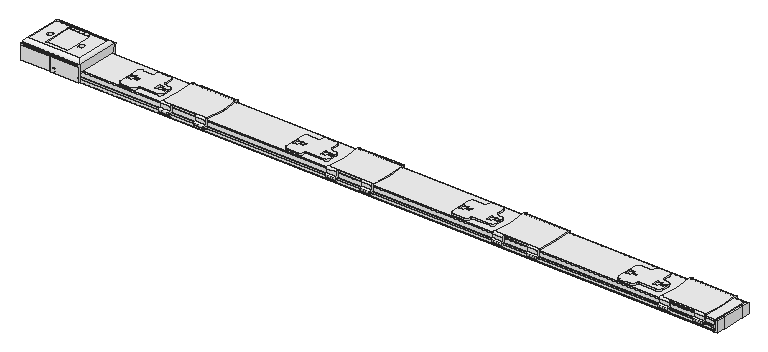
Revit family "NBS_CMDLtd_PwrBsbrTrnkng_BetatrakUnderfloorBusbar_1200mm", category Electrical Fixtures, host Face, Revit 2016
Family settings
  Host = Face
  Maintain Annotation Orientation = No
  Part Type = Normal
  Round Connector Dimension = Use Diameter
  Cut with Voids When Loaded = No
  Shared = No
  Room Calculation Point = No
Parameters
  WarrantyStartDate [instance] = "1900-12-31T23:59:59"
  WarrantyGuarantorParts = "n/a"
  WarrantyGuarantorLabor = "n/a"
  WarrantyDurationUnit = "year"
  WarrantyDurationParts = "n/a"
  WarrantyDurationLabor = "n/a"
  WarrantyDescription = "n/a"
  VoltageRating = "High voltage"
  Version = "2"  # constant formula
  Uniclass2015Version = "Products v1.3"
  Uniclass2015Title = "Busbar trunking feed units"
  Uniclass2015Code = "Pr_60_70_48_07"
  TagNumber [instance] = "n/a"
  SustainabilityPerformance = "n/a"
  Supports = "n/a"
  SocketOffsetFromEnd = 200 mm  # constant formula
  SocketNumber = 4
  SocketDistance = 300 mm  # constant formula
  Size = "1200 x 38 x 75 mm"
  SheathColor = "n/a"
  Shape = "n/a"
  SerialNumber [instance] = "n/a"
  Revision = "n/a"
  ReplacementCost = "n/a"
  Reference = "n/a"
  ProtectionAgainstElectricShock = "n/a"
  ProspectiveRatedShortCircuitCurrent1s = "n/a"
  ProductInformation = "www.cmd-ltd.com/products/betatrak-busbar"
  PlaceOfInstallationOptions = "Indoor; Underfloor"
  PlaceOfInstallation = "n/a"
  NormalOperatingTemperature = 0
  NominalWidthOrDiameter = 38 mm
  NominalWidth = 38 mm
  NominalLength = 1200 mm
  NominalHeight = 75 mm
  Name = "PowerBusbarTrunking_BetatrakUnderfloorBusbar_1200mm-Standard_CMDLtd"
  NBSTypeID = "n/a"
  NBSReference = "90-50-45/320"
  NBSOfficeMasterTag = "n/a"
  NBSNote = "n/a"
  NBSDescription = "Power busbar trunking"
  NBSCertification = "www.nationalbimlibrary.com/cert/m0qxcgie"
  ModelReference = "Betatrak Underfloor Busbar"
  ModelNumber = "PBST3312"
  MechanicalDesignMechanicalLoads = "n/a"
  MechanicalDesignAdditionalLoads = "n/a"
  MaxOperatingTemperature = 0
  Material = "n/a"
  ManufacturerURL = "www.cmd-ltd.com"
  ManufacturerName = "CMD Ltd"  # constant formula
  Manufacturer = "enquiries@cmd-ltd.com"
  InstallationDate [instance] = "1900-12-31T23:59:59"
  IfcExportType = "CABLESEGMENT"  # constant formula
  IfcExportAs = "IfcCableSegmentType"  # constant formula
  Grade = "n/a"
  Finish = "Galvanized steel"
  Features = "Choice: a comprehensive range of supply systems. Flexibility: can be used in new or existing layouts. Versatility: all kinds of configurations are possible including bends/corners. Safety: colour coded tap offs for easy recognition. Sliding dust covers to protect outlets. Height clearance: low profile busbar suitable for shallow floor voids. Convenience: variety of Betatrak® lengths with different socket centres. 300 mm standard (150 mm and 600 mm available on request)"
  ExpectedLife = "n/a"
  EnvironmentalProductDeclaration = "n/a"
  DurationUnit = "year"
  Description = "Click-fit underfloor power distribution"
  CurrentRating = "63 A"
  CrossSectionalArea = 0.00 m²
  Constituents = "n/a"
  Configuration = "n/a"
  Conductors = "Copper"
  Color = "n/a"
  CodePerformance = "n/a"
  CentreOffset = 0 mm  # constant formula
  NumberOfSockets = 4  # constant formula
  HasOpenedSockets [instance] = yes
  Default Elevation = 0 mm
  CoverOffset [instance] = if(HasOpenedSockets, 90 mm, 0 mm)  # 90 mm
  Category = "Pr_60_70_48_07:Busbar trunking feed units"
  CasingStandard = "n/a"
  CasingMaterial = "Galvanized steel"
  CasingIngressProtectionMinimum = "n/a"
  CasingFinish = "Self finished"
  CasingColour = "Steel, metallic"
  CableInsulationMaterial = "Flame Retardant Polycarbonate"
  BusbarWidth = 75.8 mm  # constant formula
  BusbarMaterial = NBS_Concept
  BusbarLength = 1252 mm  # constant formula
  BusbarHeight = 18.7 mm  # constant formula
  BarCode [instance] = "n/a"
  BIMObjectName = "NBS_CMDLtd_PowerBusbarTrunking_BetatrakUnderfloorBusbar_1200mm-Standard"
  Author = "NBS"  # constant formula
  AttitudeOptions = "Horizontal; Vertical"
  Attitude = "n/a"
  AssetType = "Fixed"
  AssetIdentifier [instance] = "n/a"
  Assembly = "Fully type-tested"
  AdditionalCircuits = "n/a"
  AccessoryOptions = "Feed units; tap-off units; flexible corners and kits"
  Accessories = "n/a"
  AccessibilityPerformance = "n/a"
Reference planes
  plane 1 "Center (Front/Back)": y = 0
  plane 2: z = 0
  plane 3 "Center (Left/Right)": x = 0
  plane 4: x = 0
  plane 5: x = 1252
  plane 6: y = 37.9
  plane 7: y = -37.9
  plane 8 "Top": z = 18.7
  plane 9: z = 17.7
  plane 10: x = 104
  plane 11: z = 38.2
  plane 12: x = 52
  plane 13: x = 1247
  plane 14: x = 51
  plane 15: x = 53
  plane 16: x = 200
  plane 17: x = 500
  plane 18: x = 800
  plane 19: x = 1100
Forms (mm)
  Extrusion 1, solid, material "NBS_Concept" <- "BusbarMaterial", detail levels medium+fine
    sketch origin (0, 0, 0) x (0, 1, 0) y (0, 0, 1)
      loop
        line (-36.7, 8.15) -> (-34.1, 8.15) -> (-34.1, 1)
        arc (-34.1, 1) -> (-33.807, 0.293) -> (-33.1, 0) r 1
        line (-33.1, 0) -> (33.1, 0)
        arc (33.1, 0) -> (33.807, 0.293) -> (34.1, 1) r 1
        line (34.1, 1) -> (34.1, 8.15) -> (36.7, 8.15)
        arc (36.7, 8.15) -> (37.9, 9.35) -> (36.7, 10.55) r 1.2
        line (36.7, 10.55) -> (34.1, 10.55) -> (34.1, 17.7)
        arc (34.1, 17.7) -> (33.807, 18.407) -> (33.1, 18.7) r 1
        line (33.1, 18.7) -> (-33.1, 18.7)
        arc (-33.1, 18.7) -> (-33.807, 18.407) -> (-34.1, 17.7) r 1
        line (-34.1, 17.7) -> (-34.1, 10.55) -> (-36.7, 10.55)
        arc (-36.7, 10.55) -> (-37.9, 9.35) -> (-36.7, 8.15) r 1.2
      loop
        line (33.1, 1) -> (33.1, 17.7) -> (-33.1, 17.7) -> (-33.1, 1) -> (33.1, 1)
    from 52 to 1247
  Extrusion 2, solid, material "NBS_Concept" <- "BusbarMaterial", detail levels coarse
    sketch origin (0, 0, 0) x (0, 1, 0) y (0, 0, 1)
      loop
        line (34.1, 18.7) -> (-34.1, 18.7) -> (-34.1, 0) -> (34.1, 0) -> (34.1, 18.7)
    from 0 to 1252
  Extrusion 3, solid, material "NBS_Concept" <- "BusbarMaterial", detail levels medium+fine
    sketch origin (0, 0, 0) x (1, 0, 0) y (0, 1, 0)
      loop
        line (0, 37.9) -> (0, -37.9) -> (104, -37.9) -> (104, 37.9) -> (0, 37.9)
    from 18.7 to 38.2
  Sweep 4, void
    path origin (0, 0, 0) x (1, 0, 0) y (0, 1, 0)
      loop
        line (0, 37.9) -> (0, -37.9) -> (104, -37.9) -> (104, 37.9) -> (0, 37.9)
    profile origin (52, 37.9, 0) x (0, 1, 0) y (0, 0, 1)
      loop
        arc (-6, 38.2) -> (-2.293, 35.907) -> (0, 32.2) r 9.5
        line (0, 32.2) -> (5, 32.2) -> (5, 43.2) -> (-6, 43.2) -> (-6, 38.2)
  Extrusion 5, void
    sketch origin (0, 0, 0) x (1, 0, 0) y (0, 1, 0)
      loop
        circle (23.5, -5) r 5
      loop
        circle (80.5, -5) r 5
    from 34.2 to 38.2
  Extrusion 6, void
    sketch origin (0, 0, 0) x (1, 0, 0) y (0, 1, 0)
      loop
        line (32, 25.9) -> (32, -25.9) -> (72, -25.9) -> (72, 25.9) -> (32, 25.9)
    from 37.2 to 40
  Extrusion 7, solid, material "NBS_Concept" <- "BusbarMaterial", detail levels coarse
    sketch origin (0, 0, 0) x (1, 0, 0) y (0, 1, 0)
      loop
        line (0, 37.9) -> (0, -37.9) -> (104, -37.9) -> (104, 37.9) -> (0, 37.9)
    from 18.7 to 38.2
  Extrusion 8, solid, material "NBS_Concept" <- "BusbarMaterial", detail levels medium+fine
    sketch origin (0, 0, 0) x (1, 0, 0) y (0, 1, 0)
      loop
        line (1247, -34.1) -> (1252, -34.1) -> (1252, -21) -> (1250, -21) -> (1248, -23) -> (1248, -17.5) -> (1250, -19.5) -> (1252, -19.5) -> (1252, 19.5) -> (1250, 19.5) -> (1248, 17.5) -> (1248, 23) -> (1250, 21) -> (1252, 21) -> (1252, 34.1) -> (1247, 34.1) -> (1247, -34.1)
    from 0 to 18.7
  Extrusion 9, solid, material "NBS_Concept" <- "BusbarMaterial", detail levels medium+fine
    sketch origin (0, 0, 0) x (0, 1, 0) y (0, 0, 1)
      loop
        line (38.939, 7) -> (35.597, 7) -> (35.645, 6.093) -> (38.547, 4) -> (40.964, 4) -> (40.964, 28.917)
        arc (40.964, 28.917) -> (41.561, 30.356) -> (43, 30.952) r 2.034
        line (43, 30.952) -> (43.017, 31.9) -> (40.904, 31.9)
        arc (40.904, 31.9) -> (39.514, 31.324) -> (38.939, 29.935) r 1.965
        line (38.939, 29.935) -> (38.939, 18.7) -> (34.6, 18.7) -> (34.6, 17.7) -> (38.939, 17.7) -> (38.939, 7)
      loop
        line (-38.939, 7) -> (-38.939, 17.7) -> (-34.6, 17.7) -> (-34.6, 18.7) -> (-38.939, 18.7) -> (-38.939, 29.935)
        arc (-38.939, 29.935) -> (-39.514, 31.324) -> (-40.904, 31.9) r 1.965
        line (-40.904, 31.9) -> (-43.017, 31.9) -> (-43, 30.952)
        arc (-43, 30.952) -> (-41.561, 30.356) -> (-40.964, 28.917) r 2.034
        line (-40.964, 28.917) -> (-40.964, 4) -> (-38.547, 4) -> (-35.645, 6.093) -> (-35.597, 7) -> (-38.939, 7)
    from 0 to 51
  Extrusion 10, solid, material "NBS_Concept" <- "BusbarMaterial", detail levels medium+fine
    sketch origin (0, 0, 0) x (0, 1, 0) y (0, 0, 1)
      loop
        line (38.939, 7) -> (35.597, 7) -> (35.645, 6.093) -> (38.547, 4) -> (40.964, 4) -> (40.964, 28.917)
        arc (40.964, 28.917) -> (41.561, 30.356) -> (43, 30.952) r 2.034
        line (43, 30.952) -> (43.017, 31.9) -> (40.904, 31.9)
        arc (40.904, 31.9) -> (39.514, 31.324) -> (38.939, 29.935) r 1.965
        line (38.939, 29.935) -> (38.939, 18.7) -> (34.6, 18.7) -> (34.6, 17.7) -> (38.939, 17.7) -> (38.939, 7)
      loop
        line (-38.939, 7) -> (-38.939, 17.7) -> (-34.6, 17.7) -> (-34.6, 18.7) -> (-38.939, 18.7) -> (-38.939, 29.935)
        arc (-38.939, 29.935) -> (-39.514, 31.324) -> (-40.904, 31.9) r 1.965
        line (-40.904, 31.9) -> (-43.017, 31.9) -> (-43, 30.952)
        arc (-43, 30.952) -> (-41.561, 30.356) -> (-40.964, 28.917) r 2.034
        line (-40.964, 28.917) -> (-40.964, 4) -> (-38.547, 4) -> (-35.645, 6.093) -> (-35.597, 7) -> (-38.939, 7)
    from 53 to 104
  Extrusion 11, solid, material "NBS_Concept" <- "BusbarMaterial", detail levels coarse
    sketch origin (0, 0, 0) x (0, 1, 0) y (0, 0, 1)
      loop
        line (40.964, 31.9) -> (37.9, 31.9) -> (37.9, 18.7) -> (34.1, 18.7) -> (34.1, 4) -> (40.964, 4) -> (40.964, 31.9)
      loop
        line (-40.964, 31.9) -> (-40.964, 4) -> (-34.1, 4) -> (-34.1, 18.7) -> (-37.9, 18.7) -> (-37.9, 31.9) -> (-40.964, 31.9)
    from 0 to 104
  Extrusion 12, solid, material "NBS_Concept" <- "BusbarMaterial", detail levels medium+fine
    sketch origin (0, 0, 0) x (0, 1, 0) y (0, 0, 1)
      loop
        line (34.6, 11.05) -> (34.6, 18.7) -> (-34.6, 18.7) -> (-34.6, 11.05) -> (-33.1, 11.05) -> (-33.1, 15.7) -> (33.1, 15.7) -> (33.1, 11.05) -> (34.6, 11.05)
    from 0 to 52
  Extrusion 13, solid, material "NBS_Concept" <- "BusbarMaterial", not visible
    sketch origin (0, 0, 0) x (1, 0, 0) y (0, 1, 0)
      loop
        circle (52, 0) r 10
    from 0 to 10
  Extrusion 14, solid, material "NBS_Concept" <- "BusbarMaterial", not visible
    sketch origin (0, 0, 0) x (1, 0, 0) y (0, 1, 0)
      loop
        circle (200, 0) r 10
    from 10.7 to 20.7
  Extrusion 15, solid, material "NBS_Concept" <- "BusbarMaterial", not visible
    sketch origin (300, 0, 0) x (1, 0, 0) y (0, 1, 0)
      loop
        circle (200, 0) r 10
    from 10.7 to 20.7
  Extrusion 16, solid, material "NBS_Concept" <- "BusbarMaterial", not visible
    sketch origin (600, 0, 0) x (1, 0, 0) y (0, 1, 0)
      loop
        circle (200, 0) r 10
    from 10.7 to 20.7
  Extrusion 17, solid, material "NBS_Concept" <- "BusbarMaterial", not visible
    sketch origin (900, 0, 0) x (1, 0, 0) y (0, 1, 0)
      loop
        circle (200, 0) r 10
    from 10.7 to 20.7
Cuts and joins
  Sweep 4, Extrusion 5, Extrusion 6 cuts Extrusion 3
  Extrusion 5, Extrusion 6 cuts Extrusion 1
  Extrusion 5, Extrusion 6 cuts Extrusion 2
Dimensions and locks
  "BusbarLength": plane 4 to plane 5
  equal spacing: plane 6, plane 1 "Center (Front/Back)", plane 7
  "BusbarHeight": plane 8 "Top" to host face
  "BusbarWidth": plane 6 to plane 7
  locked: plane 9 to plane 8 "Top" at 1
  locked: plane 11 to plane 8 "Top" at 19.5
  Sweep 4 sketch curve to plane 6 to Sweep 4 sketch curve = 5 mm locked, 6 mm locked
  Sweep 4 sketch curve to plane 11 to Sweep 4 sketch curve = 5 mm locked, 6 mm locked
  locked: plane 4 to plane 10 at 104
  equal spacing: plane 4, plane 12, plane 10
  locked: plane 13 to plane 5 at 5
  plane 14 to plane 12 to plane 15 = 1 mm locked, 1 mm locked
  "CentreOffset": plane 4 to plane 3 "Center (Left/Right)"
  "SocketOffsetFromEnd": plane 4 to plane 16
  equal spacing: group 1, group 2, group 3, group 4  (x3)
  "SocketDistance": plane 16 to plane 17
  aligned and locked: plane 2 to host face
  aligned and locked: level to host face
  aligned and locked: plane 8 "Top" to Extrusion 1 sketch curve
  aligned and locked: Extrusion 1 sketch curve to host face
  aligned and locked: Extrusion 2 sketch curve to plane 8 "Top"
  aligned and locked: host face to Extrusion 2 sketch curve
  aligned and locked: Extrusion 2 to plane 4
  aligned and locked: plane 5 to Extrusion 2
  aligned and locked: Extrusion 3 sketch curve to plane 6
  aligned and locked: plane 4 to Extrusion 3 sketch curve
  aligned and locked: plane 7 to Extrusion 3 sketch curve
  aligned and locked: plane 10 to Extrusion 3 sketch curve
  aligned and locked: Extrusion 3 to plane 8 "Top"
  aligned and locked: plane 11 to Extrusion 3
  aligned and locked: Sweep 4 sketch curve to plane 6
  aligned and locked: plane 4 to Sweep 4 sketch curve
  aligned and locked: plane 7 to Sweep 4 sketch curve
  aligned and locked: plane 10 to Sweep 4 sketch curve
  aligned and locked: plane 11 to Sweep 4 sketch curve
  aligned and locked: plane 6 to Sweep 4 sketch curve
  aligned and locked: Extrusion 1 to plane 12
  aligned and locked: plane 11 to Extrusion 5
  aligned and locked: Extrusion 7 sketch curve to plane 6
  aligned and locked: plane 10 to Extrusion 7 sketch curve
  aligned and locked: plane 7 to Extrusion 7 sketch curve
  aligned and locked: plane 4 to Extrusion 7 sketch curve
  aligned and locked: plane 11 to Extrusion 7
  aligned and locked: Extrusion 7 to plane 8 "Top"
  aligned and locked: plane 13 to cut or joined group of Extrusion 1, Extrusion 5, Extrusion 6
  aligned and locked: plane 13 to Extrusion 8 sketch curve
  aligned and locked: Extrusion 8 sketch curve to plane 5  (x3)
  aligned and locked: Extrusion 8 to level
  aligned and locked: plane 8 "Top" to Extrusion 8
  aligned and locked: Extrusion 9 to plane 4
  aligned and locked: plane 14 to Extrusion 9
  aligned and locked: Extrusion 10 to plane 10
  aligned and locked: plane 15 to Extrusion 10
  aligned and locked: Extrusion 11 to plane 10
  aligned and locked: Extrusion 11 to plane 4
  aligned and locked: plane 12 to Extrusion 12
  aligned and locked: Extrusion 12 to plane 4
  aligned and locked: plane 16 to Extrusion 14 sketch curve
  aligned and locked: host face to nested 1
  aligned and locked: plane 1 "Center (Front/Back)" to nested 1
  aligned and locked: nested 1 to plane 16
  aligned and locked: plane 17 to Extrusion 15 sketch curve
  aligned and locked: nested 2 to plane 17
  aligned and locked: plane 18 to Extrusion 16 sketch curve
  aligned and locked: nested 3 to plane 18
  aligned and locked: plane 19 to Extrusion 17 sketch curve
  aligned and locked: nested 4 to plane 19
Automatic sketch dimensions
  host sketch curve to host sketch curve = 2000 mm
  host sketch curve to host sketch curve = 1000 mm
  plane 9 to Extrusion 1 sketch curve = 0 mm
  plane 7 to Extrusion 1 sketch curve = 1.2 mm
  Extrusion 1 sketch curve to Extrusion 1 sketch curve = 2.6 mm
  Extrusion 1 sketch curve to Extrusion 1 sketch curve = 0 mm  (x7)
  Extrusion 1 sketch curve to Extrusion 1 sketch curve = 1 mm
  Extrusion 1 sketch curve to plane 6 = 4.8 mm
  Extrusion 1 sketch curve to plane 6 = 3.8 mm
  Extrusion 1 sketch curve to plane 6 = 1.2 mm
  Extrusion 1 sketch curve to Extrusion 1 sketch curve = 7.15 mm  (x2)
  Extrusion 1 sketch curve to Extrusion 1 sketch curve = 1.2 mm  (x2)
  plane 7 to Extrusion 2 sketch curve = 3.8 mm
  Extrusion 2 sketch curve to plane 6 = 3.8 mm
  profile plane to Sweep 4 sketch curve = 9.01 mm
  plane 1 "Center (Front/Back)" to Extrusion 5 sketch curve = 5 mm  (x2)
  plane 4 to Extrusion 5 sketch curve = 23.5 mm
  plane 10 to Extrusion 5 sketch curve = 23.5 mm
  Extrusion 6 sketch curve to plane 14 = 19 mm
  Extrusion 6 sketch curve to plane 15 = 19 mm
  plane 7 to Extrusion 6 sketch curve = 12 mm
  Extrusion 6 sketch curve to plane 6 = 12 mm
  Extrusion 9 sketch curve to plane 8 "Top" = 0 mm  (x2)
  plane 9 to Extrusion 9 sketch curve = 0 mm  (x2)
  Extrusion 9 sketch curve to plane 7 = 5.117 mm
  Extrusion 9 sketch curve to Extrusion 9 sketch curve = 0.017 mm  (x2)
  Extrusion 9 sketch curve to Extrusion 9 sketch curve = 0.001 mm  (x2)
  Extrusion 9 sketch curve to plane 7 = 3.064 mm
  Extrusion 9 sketch curve to Extrusion 9 sketch curve = 2.113 mm
  Extrusion 9 sketch curve to plane 7 = 1.039 mm
  Extrusion 9 sketch curve to Extrusion 9 sketch curve = 0 mm
  Extrusion 9 sketch curve to plane 7 = 0.647 mm
  plane 7 to Extrusion 9 sketch curve = 2.255 mm
  Extrusion 9 sketch curve to Extrusion 9 sketch curve = 0.048 mm  (x2)
  plane 7 to Extrusion 9 sketch curve = 3.3 mm
  Extrusion 9 sketch curve to plane 6 = 3.3 mm
  Extrusion 9 sketch curve to plane 6 = 2.303 mm
  plane 6 to Extrusion 9 sketch curve = 0.647 mm
  plane 6 to Extrusion 9 sketch curve = 1.039 mm  (x2)
  Extrusion 9 sketch curve to Extrusion 9 sketch curve = 1.965 mm
  Extrusion 9 sketch curve to Extrusion 9 sketch curve = 2.417 mm
  Extrusion 9 sketch curve to Extrusion 9 sketch curve = 2.034 mm
  level to Extrusion 9 sketch curve = 7 mm  (x2)
  Extrusion 9 sketch curve to Extrusion 9 sketch curve = 0.907 mm  (x2)
  Extrusion 9 sketch curve to Extrusion 9 sketch curve = 3 mm  (x2)
  Extrusion 9 sketch curve to plane 11 = 9.283 mm  (x2)
  Extrusion 9 sketch curve to Extrusion 9 sketch curve = 1.017 mm  (x2)
  Extrusion 11 sketch curve to plane 7 = 0 mm
  Extrusion 11 sketch curve to plane 8 "Top" = 0 mm  (x2)
  Extrusion 11 sketch curve to plane 6 = 0 mm
  Extrusion 11 sketch curve to plane 7 = 3.064 mm
  Extrusion 11 sketch curve to Extrusion 11 sketch curve = 3.8 mm
  Extrusion 11 sketch curve to plane 6 = 3.8 mm
  plane 6 to Extrusion 11 sketch curve = 3.064 mm
  level to Extrusion 11 sketch curve = 4 mm  (x2)
  Extrusion 11 sketch curve to plane 11 = 6.3 mm  (x2)
  Extrusion 10 sketch curve to plane 8 "Top" = 0 mm  (x2)
  plane 9 to Extrusion 10 sketch curve = 0 mm  (x2)
  Extrusion 10 sketch curve to plane 7 = 5.117 mm
  Extrusion 10 sketch curve to Extrusion 10 sketch curve = 0.017 mm  (x2)
  Extrusion 10 sketch curve to Extrusion 10 sketch curve = 0.001 mm  (x2)
  Extrusion 10 sketch curve to plane 7 = 3.064 mm
  Extrusion 10 sketch curve to Extrusion 10 sketch curve = 2.113 mm
  Extrusion 10 sketch curve to plane 7 = 1.039 mm
  Extrusion 10 sketch curve to Extrusion 10 sketch curve = 0 mm
  Extrusion 10 sketch curve to plane 7 = 0.647 mm
  plane 7 to Extrusion 10 sketch curve = 2.255 mm
  Extrusion 10 sketch curve to Extrusion 10 sketch curve = 0.048 mm  (x2)
  plane 7 to Extrusion 10 sketch curve = 3.3 mm
  Extrusion 10 sketch curve to plane 6 = 3.3 mm
  Extrusion 10 sketch curve to plane 6 = 2.303 mm
  plane 6 to Extrusion 10 sketch curve = 0.647 mm
  plane 6 to Extrusion 10 sketch curve = 1.039 mm  (x2)
  Extrusion 10 sketch curve to Extrusion 10 sketch curve = 1.965 mm
  Extrusion 10 sketch curve to Extrusion 10 sketch curve = 2.417 mm
  Extrusion 10 sketch curve to Extrusion 10 sketch curve = 2.034 mm
  level to Extrusion 10 sketch curve = 7 mm  (x2)
  Extrusion 10 sketch curve to Extrusion 10 sketch curve = 0.907 mm  (x2)
  Extrusion 10 sketch curve to Extrusion 10 sketch curve = 3 mm  (x2)
  Extrusion 10 sketch curve to plane 11 = 9.283 mm  (x2)
  Extrusion 10 sketch curve to Extrusion 10 sketch curve = 1.017 mm  (x2)
  Extrusion 12 sketch curve to plane 8 "Top" = 0 mm
  plane 7 to Extrusion 12 sketch curve = 3.3 mm
  Extrusion 12 sketch curve to Extrusion 12 sketch curve = 1.5 mm  (x2)
  plane 9 to Extrusion 12 sketch curve = 2 mm
  Extrusion 12 sketch curve to plane 6 = 4.8 mm
  Extrusion 12 sketch curve to Extrusion 12 sketch curve = 4.65 mm  (x2)
  plane 1 "Center (Front/Back)" to Extrusion 13 sketch curve = 0 mm
  Extrusion 13 sketch curve to plane 12 = 0 mm
  plane 13 to Extrusion 8 sketch curve = 1 mm  (x2)
  Extrusion 8 sketch curve to plane 5 = 2 mm  (x2)
  Extrusion 8 sketch curve to Extrusion 8 sketch curve = 0 mm  (x2)
  plane 7 to Extrusion 8 sketch curve = 3.8 mm
  Extrusion 8 sketch curve to Extrusion 8 sketch curve = 11.1 mm
  Extrusion 8 sketch curve to Extrusion 8 sketch curve = 2 mm  (x4)
  Extrusion 8 sketch curve to Extrusion 8 sketch curve = 1.5 mm  (x2)
  Extrusion 8 sketch curve to plane 1 "Center (Front/Back)" = 17.5 mm
  Extrusion 8 sketch curve to plane 6 = 3.8 mm
  radius of Extrusion 5 sketch curve = 5 mm  (x2)
  radius of Extrusion 13 sketch curve = 10 mm
  radius of Extrusion 14 sketch curve = 10 mm
  radius of Extrusion 15 sketch curve = 10 mm
  radius of Extrusion 16 sketch curve = 10 mm
  radius of Extrusion 17 sketch curve = 10 mm
Nested families
  nested 1: "NBS_CMDLtd_PwrBsbrTrnkng_BetatrakUnderfloorBusbar_Socket" at (200, 0, 0), CoverOffset <- "CoverOffset", SocketMaterial <- "BusbarMaterial", type "NBS_CMDLtd_PwrBsbrTrnkng_BetatrakUnderfloorBusbar_Socket"
    with SocketMaterial NBS_Concept, CoverOffset 90 mm
  nested 2: "NBS_CMDLtd_PwrBsbrTrnkng_BetatrakUnderfloorBusbar_Socket" at (500, 0, 0), CoverOffset <- "CoverOffset", SocketMaterial <- "BusbarMaterial", type "NBS_CMDLtd_PwrBsbrTrnkng_BetatrakUnderfloorBusbar_Socket"
    with SocketMaterial NBS_Concept, CoverOffset 90 mm
  nested 3: "NBS_CMDLtd_PwrBsbrTrnkng_BetatrakUnderfloorBusbar_Socket" at (800, 0, 0), CoverOffset <- "CoverOffset", SocketMaterial <- "BusbarMaterial", type "NBS_CMDLtd_PwrBsbrTrnkng_BetatrakUnderfloorBusbar_Socket"
    with SocketMaterial NBS_Concept, CoverOffset 90 mm
  nested 4: "NBS_CMDLtd_PwrBsbrTrnkng_BetatrakUnderfloorBusbar_Socket" at (1100, 0, 0), CoverOffset <- "CoverOffset", SocketMaterial <- "BusbarMaterial", type "NBS_CMDLtd_PwrBsbrTrnkng_BetatrakUnderfloorBusbar_Socket"
    with SocketMaterial NBS_Concept, CoverOffset 90 mm
Connectors
  electrical at (52, 0, 0)
    settings: on Extrusion 13, index 5, voltage 0 V, apparent load 0 VA, apparent load phase1 0 VA, apparent load phase2 0 VA, apparent load phase3 0 VA, power factor 1, load classification "Power", number of poles 1, system type 31, power factor state 1, is connector primary yes, connector utility no, sub classification motor no, connector description ""
  electrical at (1252, 0, 9.35)
    settings: on Extrusion 8, index 6, voltage 0 V, apparent load 0 VA, apparent load phase1 0 VA, apparent load phase2 0 VA, apparent load phase3 0 VA, power factor 1, load classification "Power", number of poles 1, system type 31, power factor state 1, is connector primary no, connector utility no, sub classification motor no, connector description ""
  electrical at (200, 0, 20.7)
    settings: on Extrusion 14, index 7, voltage 0 V, apparent load 0 VA, apparent load phase1 0 VA, apparent load phase2 0 VA, apparent load phase3 0 VA, power factor 1, load classification "Power", number of poles 1, system type 31, power factor state 1, is connector primary no, connector utility no, sub classification motor no, connector description ""
  electrical at (500, 0, 20.7)
    settings: on Extrusion 15, index 8, voltage 0 V, apparent load 0 VA, apparent load phase1 0 VA, apparent load phase2 0 VA, apparent load phase3 0 VA, power factor 1, load classification "Power", number of poles 1, system type 31, power factor state 1, is connector primary no, connector utility no, sub classification motor no, connector description ""
  electrical at (800, 0, 20.7)
    settings: on Extrusion 16, index 10, voltage 0 V, apparent load 0 VA, apparent load phase1 0 VA, apparent load phase2 0 VA, apparent load phase3 0 VA, power factor 1, load classification "Power", number of poles 1, system type 31, power factor state 1, is connector primary no, connector utility no, sub classification motor no, connector description ""
  electrical at (1100, 0, 20.7)
    settings: on Extrusion 17, index 11, voltage 0 V, apparent load 0 VA, apparent load phase1 0 VA, apparent load phase2 0 VA, apparent load phase3 0 VA, power factor 1, load classification "Power", number of poles 1, system type 31, power factor state 1, is connector primary no, connector utility no, sub classification motor no, connector description ""
Definition of nested family "NBS_CMDLtd_PwrBsbrTrnkng_BetatrakUnderfloorBusbar_Socket"
  Parameters
    SocketMaterial [instance] = none
    CoverOffset [instance] = 100 mm
  Reference planes
    plane 1 "Center (Front/Back)": y = 0
    plane 2: z = 0
    plane 3 "Center (Left/Right)": x = 0
    plane 4: x = 100
    plane 5: x = 58
    plane 6: x = 142
    plane 7: x = 55
  Forms (mm)
    Extrusion 1, solid, material <- "SocketMaterial", detail levels medium+fine
      sketch origin (0, 0, 0) x (1, 0, 0) y (0, 1, 0)
        loop
          line (-10.152, 19.9) -> (-28.652, 19.9)
          arc (-28.652, 19.9) -> (-33.212, 18.012) -> (-35.1, 13.452) r 6.448
          line (-35.1, 13.452) -> (-35.1, -23.147)
          arc (-35.1, -23.147) -> (-33.212, -27.707) -> (-28.652, -29.595) r 6.448
          line (-28.652, -29.595) -> (-10.652, -29.595)
          arc (-10.652, -29.595) -> (-6.093, -27.707) -> (-4.205, -23.147) r 6.448
          line (-4.205, -23.147) -> (-4.205, -20.948)
          arc (-4.205, -20.948) -> (-3.896, -20.203) -> (-3.152, -19.895) r 1.052
          line (-3.152, -19.895) -> (28.748, -19.895)
          arc (28.748, -19.895) -> (33.307, -18.007) -> (35.195, -13.448) r 6.448
          line (35.195, -13.448) -> (35.195, -0.098)
          arc (35.195, -0.098) -> (33.307, 4.462) -> (28.748, 6.35) r 6.448
          line (28.748, 6.35) -> (24.848, 6.35)
          arc (24.848, 6.35) -> (20.214, 8.269) -> (18.295, 12.902) r 6.552
          line (18.295, 12.902) -> (18.295, 23.152)
          arc (18.295, 23.152) -> (16.407, 27.712) -> (11.848, 29.6) r 6.448
          line (11.848, 29.6) -> (-2.652, 29.6)
          arc (-2.652, 29.6) -> (-7.212, 27.712) -> (-9.1, 23.152) r 6.448
          line (-9.1, 23.152) -> (-9.1, 20.952)
          arc (-9.1, 20.952) -> (-9.408, 20.208) -> (-10.152, 19.9) r 1.052
        loop
          line (-25.396, -10.4) -> (-25.396, -7.842) -> (-16.705, -7.842) -> (-16.705, -1.766) -> (-25.396, -1.766) -> (-25.396, 0.792) -> (-34.147, 0.792) -> (-34.147, -10.4) -> (-25.396, -10.4)
        loop
          line (15.853, 0.792) -> (15.853, -10.4) -> (24.604, -10.4) -> (24.604, -7.842) -> (33.295, -7.842) -> (33.295, -1.766) -> (24.604, -1.766) -> (24.604, 0.792) -> (15.853, 0.792)
      from 18.7 to 20.7
    Extrusion 2, solid, material <- "SocketMaterial", detail levels medium+fine
      sketch origin (0, 0, 0) x (0, 1, 0) y (0, 0, 1)
        loop
          line (36.1, 12.493) -> (36.1, 19.2)
          arc (36.1, 19.2) -> (35.221, 21.321) -> (33.1, 22.2) r 3
          line (33.1, 22.2) -> (-33.1, 22.2)
          arc (-33.1, 22.2) -> (-35.221, 21.321) -> (-36.1, 19.2) r 3
          line (-36.1, 19.2) -> (-36.1, 12.493)
          arc (-36.1, 12.493) -> (-39.886, 9.651) -> (-36.7, 6.15) r 3.2
          line (-36.7, 6.15) -> (-34.6, 6.15) -> (-34.6, 7.65) -> (-36.7, 7.65)
          arc (-36.7, 7.65) -> (-38.4, 9.35) -> (-36.7, 11.05) r 1.7
          line (-36.7, 11.05) -> (-34.6, 11.05) -> (-34.6, 19.2)
          arc (-34.6, 19.2) -> (-34.161, 20.261) -> (-33.1, 20.7) r 1.5
          line (-33.1, 20.7) -> (33.1, 20.7)
          arc (33.1, 20.7) -> (34.161, 20.261) -> (34.6, 19.2) r 1.5
          line (34.6, 19.2) -> (34.6, 11.05) -> (36.7, 11.05)
          arc (36.7, 11.05) -> (38.4, 9.35) -> (36.7, 7.65) r 1.7
          line (36.7, 7.65) -> (34.6, 7.65) -> (34.6, 6.15) -> (36.7, 6.15)
          arc (36.7, 6.15) -> (39.886, 9.651) -> (36.1, 12.493) r 3.2
      from 55 to 142
    Extrusion 3, void
      sketch origin (0, 0, 0) x (1, 0, 0) y (0, 1, 0)
        loop
          line (61, 0) -> (58, 34.6) -> (58, 44.6) -> (45, 44.6) -> (45, -44.6) -> (58, -44.6) -> (58, -34.6) -> (61, 0)
        loop
          line (139, 34.6) -> (142, 0) -> (139, -34.6) -> (139, -44.6) -> (152, -44.6) -> (152, 44.6) -> (139, 44.6) -> (139, 34.6)
        loop
          line (76, 44.6) -> (76, 34.6) -> (121, 34.6) -> (121, 44.6) -> (76, 44.6)
        loop
          line (76, -34.6) -> (76, -44.6) -> (121, -44.6) -> (121, -34.6) -> (76, -34.6)
      from 0 to 50
    Extrusion 4, solid, material <- "SocketMaterial", detail levels coarse
      sketch origin (0, 0, 0) x (1, 0, 0) y (0, 1, 0)
        loop
          line (-35.1, -29.595) -> (-4.205, -29.595) -> (-4.205, -19.895) -> (35.195, -19.895) -> (35.195, 6.35) -> (18.295, 6.35) -> (18.295, 29.6) -> (-9.1, 29.6) -> (-9.1, 19.9) -> (-35.1, 19.9) -> (-35.1, -29.595)
      from 18.7 to 20.7
    Extrusion 5, solid, material <- "SocketMaterial", detail levels coarse
      sketch origin (0, 0, 0) x (0, 1, 0) y (0, 0, 1)
        loop
          line (36.1, 6.15) -> (36.1, 22.2) -> (-36.1, 22.2) -> (-36.1, 6.15) -> (-34.6, 6.15) -> (-34.6, 20.7) -> (34.6, 20.7) -> (34.6, 6.15) -> (36.1, 6.15)
      from 58 to 142
  Cuts and joins
    Extrusion 3 cuts Extrusion 2
  Dimensions and locks
    "CoverOffset": plane 3 "Center (Left/Right)" to plane 4
    plane 7 to plane 5 to plane 4 to plane 6 = 3 mm, 42 mm locked, 42 mm locked
    Extrusion 3 sketch curve to Extrusion 3 sketch curve to plane 6 to Extrusion 3 sketch curve = 0 mm locked, 3 mm locked, 10 mm locked
    locked: Extrusion 3 sketch curve to plane 7 at 10
    locked: plane 5 to Extrusion 3 sketch curve at 3
    Extrusion 3 sketch curve to plane 4 to Extrusion 3 sketch curve = 24 mm locked, 21 mm locked  (x2)
    Extrusion 4 sketch curve to Extrusion 4 sketch curve to Extrusion 4 sketch curve to plane 3 "Center (Left/Right)" to Extrusion 4 sketch curve to Extrusion 4 sketch curve = 26 mm locked, 4.895 mm locked, 4.205 mm locked, 18.295 mm locked, 16.9 mm locked
    Extrusion 4 sketch curve to Extrusion 4 sketch curve to plane 1 "Center (Front/Back)" to Extrusion 4 sketch curve to Extrusion 4 sketch curve to Extrusion 4 sketch curve = 9.7 mm locked, 19.895 mm locked, 6.35 mm locked, 13.55 mm locked, 9.7 mm locked
    Extrusion 1 sketch curve to Extrusion 1 sketch curve to plane 1 "Center (Front/Back)" to Extrusion 1 sketch curve to Extrusion 1 sketch curve to Extrusion 1 sketch curve = 9.7 mm locked, 19.895 mm locked, 6.35 mm locked, 13.55 mm locked, 9.7 mm locked
    Extrusion 1 sketch curve to Extrusion 1 sketch curve to Extrusion 1 sketch curve to plane 3 "Center (Left/Right)" to Extrusion 1 sketch curve to Extrusion 1 sketch curve = 26 mm locked, 4.895 mm locked, 4.205 mm locked, 18.295 mm locked, 16.9 mm locked
    Extrusion 1 sketch curve to Extrusion 1 sketch curve to Extrusion 1 sketch curve to plane 1 "Center (Front/Back)" to Extrusion 1 sketch curve = 2.558 mm locked, 6.076 mm locked, 1.766 mm locked, 0.792 mm locked  (x2)
    Extrusion 1 sketch curve to Extrusion 1 sketch curve to Extrusion 1 sketch curve to Extrusion 1 sketch curve to plane 3 "Center (Left/Right)" = 8.751 mm locked, 0 mm locked, 8.691 mm locked, 16.705 mm locked
    plane 3 "Center (Left/Right)" to Extrusion 1 sketch curve to Extrusion 1 sketch curve to Extrusion 1 sketch curve to Extrusion 1 sketch curve = 15.853 mm locked, 8.751 mm locked, 0 mm locked, 8.691 mm locked
    aligned and locked: level to plane 2
    aligned and locked: Extrusion 2 to plane 7
    aligned and locked: Extrusion 2 to plane 6
    aligned and locked: plane 5 to Extrusion 3 sketch curve
    aligned and locked: Extrusion 3 sketch curve to plane 5
    aligned and locked: plane 6 to Extrusion 3 sketch curve
    aligned and locked: Extrusion 5 to plane 5
    aligned and locked: Extrusion 5 to plane 6
  Automatic sketch dimensions
    Extrusion 2 sketch curve to Extrusion 2 sketch curve = 0 mm  (x10)
    plane 1 "Center (Front/Back)" to Extrusion 2 sketch curve = 36.7 mm
    Extrusion 2 sketch curve to Extrusion 2 sketch curve = 0.6 mm
    Extrusion 2 sketch curve to Extrusion 2 sketch curve = 2.1 mm  (x2)
    Extrusion 2 sketch curve to Extrusion 2 sketch curve = 1.5 mm  (x5)
    Extrusion 2 sketch curve to plane 1 "Center (Front/Back)" = 33.1 mm
    level to Extrusion 2 sketch curve = 6.15 mm
    Extrusion 2 sketch curve to Extrusion 2 sketch curve = 1.7 mm  (x2)
    Extrusion 2 sketch curve to Extrusion 2 sketch curve = 6.707 mm
    plane 1 "Center (Front/Back)" to Extrusion 3 sketch curve = 0 mm  (x2)
    plane 1 "Center (Front/Back)" to Extrusion 3 sketch curve = 34.6 mm
    Extrusion 3 sketch curve to Extrusion 3 sketch curve = 0 mm  (x3)
    Extrusion 3 sketch curve to Extrusion 3 sketch curve = 10 mm  (x6)
    Extrusion 3 sketch curve to plane 1 "Center (Front/Back)" = 34.6 mm  (x2)
    level to Extrusion 5 sketch curve = 6.15 mm  (x2)
    plane 1 "Center (Front/Back)" to Extrusion 5 sketch curve = 36.1 mm
    Extrusion 5 sketch curve to Extrusion 5 sketch curve = 1.5 mm  (x3)
    Extrusion 5 sketch curve to plane 1 "Center (Front/Back)" = 34.6 mm
    Extrusion 5 sketch curve to Extrusion 5 sketch curve = 14.55 mm
    Extrusion 1 sketch curve to Extrusion 1 sketch curve = 6.448 mm  (x4)
    Extrusion 1 sketch curve to plane 3 "Center (Left/Right)" = 10.652 mm
    Extrusion 1 sketch curve to Extrusion 1 sketch curve = 1.052 mm  (x2)
    Extrusion 1 sketch curve to plane 3 "Center (Left/Right)" = 2.652 mm
    Extrusion 1 sketch curve to Extrusion 1 sketch curve = 0.244 mm
    Extrusion 1 sketch curve to Extrusion 1 sketch curve = 4.144 mm
    plane 1 "Center (Front/Back)" to Extrusion 1 sketch curve = 0.098 mm
    Extrusion 1 sketch curve to Extrusion 1 sketch curve = 3.048 mm
    Extrusion 1 sketch curve to Extrusion 1 sketch curve = 2.2 mm
    Extrusion 1 sketch curve to Extrusion 1 sketch curve = 6.552 mm
    Extrusion 1 sketch curve to Extrusion 1 sketch curve = 0 mm  (x6)
